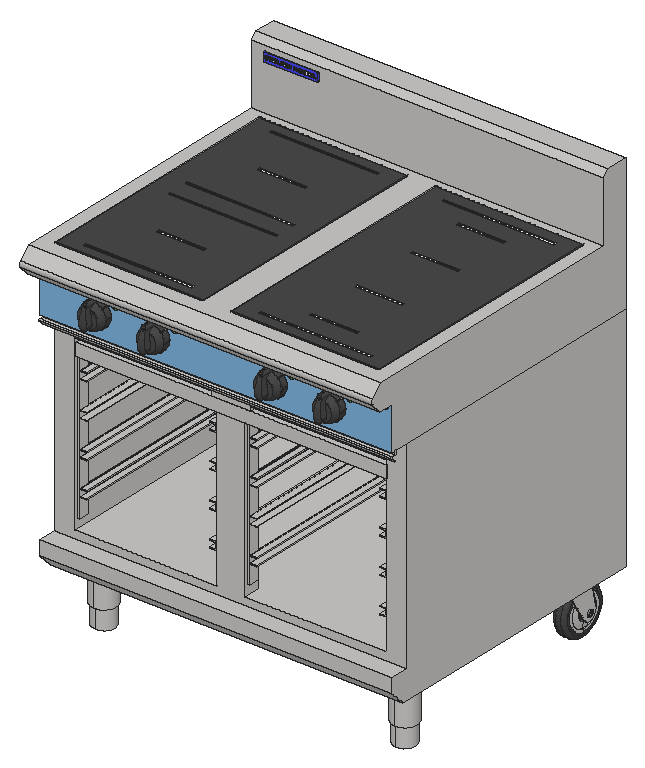
Revit family "QF_Moffat_IN514R3F-CB_Induction_Cooktop_cat", category Specialty Equipment, Revit 2019
Family settings
  Round Connector Dimension = Use Diameter
  Part Type = Normal
  Work Plane-Based = No
  Always vertical = Yes
  Cut with Voids When Loaded = No
  Shared = No
  Room Calculation Point = No
Parameters (values of type "IN514R3F-CB")
  Weight in Kilograms = 105
  Watts = 9960 W
  Volts = 415 V
  URL Cutsheet = ""
  Specification by User = ""
  Specification by Manufacturer = ""
  Show Logo [instance] = yes
  Show Legs [instance] = not(Show Castors)  # no
  Show Castors [instance] = yes
  Serial Number = ""
  Seismic Rating = ""
  SMACNA No = ""
  Revision Code = ""
  Phase = 3
  Number of Poles = 1
  NAFEM Spec ID Number = ""
  Model = "IN514R3F-CB"
  Min Ckt Ampacity = 0 A
  Max Overcurrent Protection = 0 A
  Masterspec = ""
  Manufacturer = "Moffat"
  Length = 900 mm
  Item Number = ""
  Installed By = ""
  Identify Quantity as Lot = yes
  Height = 1085 mm
  HP = ""
  Furnished By = ""
  Foodservice Equipment Identifier = yes
  FL Amps = 24 A
  Electrical Remarks = ""
  Electric Connection Type = ""
  Elec Conn RI Height = 0 mm
  Elec Conn Connection Height = 0 mm
  Description = "Induction Cooktop"
  Depth = 812.2 mm
  Cycle = 60 Hz
  Conn Plug = ""
  Conn Conduit = yes
  CSI MasterFormat = ""
  Apparent Power = if(Phase = 3, Volts * FL Amps * 1.73, Volts * FL Amps)  # 17230.8 VA
Reference planes
  plane 1 "BACK": y = 0
  plane 2: z = 0
  plane 3 "LEFT": x = 0
  plane 4 "RIGHT": x = 900
  plane 5 "FRONT": y = -812.2
  plane 6 "TOP": z = 1085
  plane 7 "Center Y": x = 450
  plane 8 "Center X": y = -406.1
  plane 9: x = 65.5
  plane 10: x = 834.5
  plane 11: y = -30
  plane 12: x = 770
  plane 13: z = 635
  plane 14: y = -100
  plane 15: y = -625
  plane 16: z = 150
Forms (mm)
  Extrusion 1, solid, material "QF_Metal_Stainless_Polished"
    sketch origin (0, 0, 560) x (0, 1, 0) y (0, 0, 1)
      loop
        line (0, 180) -> (0, 525) -> (-57, 525) -> (-70, 512) -> (-70, 354.5) -> (-784.171, 354.5) -> (-808.685, 329.985)
        arc (-808.685, 329.985) -> (-812.2, 321.5) -> (-808.685, 313.015) r 12
        line (-808.685, 313.015) -> (-785.171, 289.5) -> (-749, 289.5) -> (-749, 180) -> (0, 180)
    from 0 to 900
  Extrusion 2, void
    sketch origin (0, -784.171, 914.5) x (0, 1, 0) y (-1, 0, 0)
      loop
        arc (44.671, -33.5) -> (40.428, -35.257) -> (38.671, -39.5) r 6
        line (38.671, -39.5) -> (38.671, -410.5)
        arc (38.671, -410.5) -> (40.428, -414.743) -> (44.671, -416.5) r 6
        line (44.671, -416.5) -> (690.671, -416.5)
        arc (690.671, -416.5) -> (694.913, -414.743) -> (696.671, -410.5) r 6
        line (696.671, -410.5) -> (696.671, -39.5)
        arc (696.671, -39.5) -> (694.913, -35.257) -> (690.671, -33.5) r 6
        line (690.671, -33.5) -> (44.671, -33.5)
      loop
        arc (44.671, -483.5) -> (40.428, -485.257) -> (38.671, -489.5) r 6
        line (38.671, -489.5) -> (38.671, -860.5)
        arc (38.671, -860.5) -> (40.428, -864.743) -> (44.671, -866.5) r 6
        line (44.671, -866.5) -> (690.671, -866.5)
        arc (690.671, -866.5) -> (694.913, -864.743) -> (696.671, -860.5) r 6
        line (696.671, -860.5) -> (696.671, -489.5)
        arc (696.671, -489.5) -> (694.913, -485.257) -> (690.671, -483.5) r 6
        line (690.671, -483.5) -> (44.671, -483.5)
    from 0 to -9.5
  Extrusion 3, solid, material "QF_Plastic_White_Smooth"
    sketch origin (0, -784.171, 905) x (0, 1, 0) y (-1, 0, 0)
      loop
        line (660.921, -362.5) -> (666.921, -362.5) -> (666.921, -87.5) -> (660.921, -87.5) -> (660.921, -362.5)
      loop
        line (526.421, -285) -> (532.421, -285) -> (532.421, -165) -> (526.421, -165) -> (526.421, -285)
      loop
        line (397.921, -87.5) -> (391.921, -87.5) -> (391.921, -362.5) -> (397.921, -362.5) -> (397.921, -87.5)
      loop
        line (337.421, -362.5) -> (343.421, -362.5) -> (343.421, -87.5) -> (337.421, -87.5) -> (337.421, -362.5)
      loop
        line (208.921, -165) -> (202.921, -165) -> (202.921, -285) -> (208.921, -285) -> (208.921, -165)
      loop
        line (68.421, -362.5) -> (74.421, -362.5) -> (74.421, -87.5) -> (68.421, -87.5) -> (68.421, -362.5)
      loop
        line (657.071, -817.5) -> (663.071, -817.5) -> (663.071, -532.5) -> (657.071, -532.5) -> (657.071, -817.5)
      loop
        line (605.471, -615) -> (599.471, -615) -> (599.471, -735) -> (605.471, -735) -> (605.471, -615)
      loop
        line (458.971, -615) -> (452.971, -615) -> (452.971, -735) -> (458.971, -735) -> (458.971, -615)
      loop
        line (275.971, -735) -> (281.971, -735) -> (281.971, -615) -> (275.971, -615) -> (275.971, -735)
      loop
        line (135.471, -615) -> (129.471, -615) -> (129.471, -735) -> (135.471, -735) -> (135.471, -615)
      loop
        line (77.871, -532.5) -> (71.871, -532.5) -> (71.871, -817.5) -> (77.871, -817.5) -> (77.871, -532.5)
    from 0 to 9.5
  Extrusion 4, solid, material "QF_Plastic_Black_Smooth"
    sketch origin (0, -784.171, 914.5) x (0, 1, 0) y (-1, 0, 0)
      loop
        line (692.671, -410.5) -> (692.671, -39.5)
        arc (692.671, -39.5) -> (692.085, -38.086) -> (690.671, -37.5) r 2
        line (690.671, -37.5) -> (44.671, -37.5)
        arc (44.671, -37.5) -> (43.256, -38.086) -> (42.671, -39.5) r 2
        line (42.671, -39.5) -> (42.671, -410.5)
        arc (42.671, -410.5) -> (43.256, -411.914) -> (44.671, -412.5) r 2
        line (44.671, -412.5) -> (690.671, -412.5)
        arc (690.671, -412.5) -> (692.085, -411.914) -> (692.671, -410.5) r 2
      loop
        line (692.671, -860.5) -> (692.671, -489.5)
        arc (692.671, -489.5) -> (692.085, -488.086) -> (690.671, -487.5) r 2
        line (690.671, -487.5) -> (44.671, -487.5)
        arc (44.671, -487.5) -> (43.256, -488.086) -> (42.671, -489.5) r 2
        line (42.671, -489.5) -> (42.671, -860.5)
        arc (42.671, -860.5) -> (43.256, -861.914) -> (44.671, -862.5) r 2
        line (44.671, -862.5) -> (690.671, -862.5)
        arc (690.671, -862.5) -> (692.085, -861.914) -> (692.671, -860.5) r 2
      loop
        line (660.921, -87.5) -> (660.921, -362.5) -> (666.921, -362.5) -> (666.921, -87.5) -> (660.921, -87.5)
      loop
        line (526.421, -165) -> (526.421, -285) -> (532.421, -285) -> (532.421, -165) -> (526.421, -165)
      loop
        line (391.921, -87.5) -> (391.921, -362.5) -> (397.921, -362.5) -> (397.921, -87.5) -> (391.921, -87.5)
      loop
        line (337.421, -362.5) -> (343.421, -362.5) -> (343.421, -87.5) -> (337.421, -87.5) -> (337.421, -362.5)
      loop
        line (202.921, -285) -> (208.921, -285) -> (208.921, -165) -> (202.921, -165) -> (202.921, -285)
      loop
        line (74.421, -87.5) -> (68.421, -87.5) -> (68.421, -362.5) -> (74.421, -362.5) -> (74.421, -87.5)
      loop
        line (657.071, -532.5) -> (657.071, -817.5) -> (663.071, -817.5) -> (663.071, -532.5) -> (657.071, -532.5)
      loop
        line (605.471, -735) -> (605.471, -615) -> (599.471, -615) -> (599.471, -735) -> (605.471, -735)
      loop
        line (458.971, -735) -> (458.971, -615) -> (452.971, -615) -> (452.971, -735) -> (458.971, -735)
      loop
        line (281.971, -735) -> (281.971, -615) -> (275.971, -615) -> (275.971, -735) -> (281.971, -735)
      loop
        line (135.471, -735) -> (135.471, -615) -> (129.471, -615) -> (129.471, -735) -> (135.471, -735)
      loop
        line (77.871, -817.5) -> (77.871, -532.5) -> (71.871, -532.5) -> (71.871, -817.5) -> (77.871, -817.5)
    from 0 to -9.5
  Extrusion 5, solid, material "QF_Metal_Stainless_Polished"
    sketch origin (0, 0, 600) x (0, 1, 0) y (0, 0, 1)
      loop
        line (-737.8, 140) -> (-737.8, 130) -> (-747.305, 130)
        arc (-747.305, 130) -> (-750.276, 128.015) -> (-749.579, 124.511) r 3.215
        line (-749.579, 124.511) -> (-739.05, 113.982) -> (-737.919, 115.113) -> (-748.447, 125.642)
        arc (-748.447, 125.642) -> (-748.797, 127.403) -> (-747.305, 128.4) r 1.615
        line (-747.305, 128.4) -> (-736.2, 128.4) -> (-736.2, 140) -> (-737.8, 140)
    from 0 to 900
  Extrusion 6, solid, material "QF_Plastic_Black_Smooth"
    sketch origin (0, -749, 741.875) x (0, 0, 1) y (-1, 0, 0)
      loop
        circle (99.343, -13.157) r 5
      loop
        circle (99.343, -886.843) r 5
      loop
        circle (99.343, -150) r 5
      loop
        circle (99.343, -300) r 5
      loop
        circle (99.343, -600) r 5
      loop
        circle (99.343, -750) r 5
    from 0 to 1.6
  Extrusion 7, solid, material "QF_Metal_Stainless_Polished"
    sketch origin (0, -699, 640) x (0, 1, 0) y (1, 0, 0)
      loop
        circle (669, 770) r 6.35
    from 0 to 1.6
  Extrusion 8, solid, material "QF_Metal_Stainless_Polished"
    sketch origin (0, -699, 645) x (1, 0, 0) y (0, -1, 0)
      loop
        line (0, -699) -> (900, -699) -> (900, 0) -> (849.2, 0) -> (849.2, -25.4) -> (50.8, -25.4) -> (50.8, 0) -> (0, 0) -> (0, -699)
    from 5 to -95
  Revolve 9, solid, material "QF_Metal_Stainless_Polished"
    sketch origin (65.5, -4572, 255.2) x (0, 0, -1) y (0, -1, 0)
      loop
        line (255.2, -3974.5) -> (255.2, -3947) -> (105.2, -3947) -> (105.2, -3978.75) -> (205.2, -3978.75) -> (205.2, -3974.5) -> (255.2, -3974.5)
      axis (105.2, -3947) -> (255.2, -3947)
    angle from 0 to 360
  Revolve 10, solid, material "QF_Metal_Stainless_Polished"
    sketch origin (834.5, -4572, 255.2) x (0, 0, -1) y (0, 1, 0)
      loop
        line (255.2, 3974.5) -> (205.2, 3974.5) -> (205.2, 3978.75) -> (105.2, 3978.75) -> (105.2, 3947) -> (255.2, 3947) -> (255.2, 3974.5)
      axis (105.2, 3947) -> (255.2, 3947)
    angle from 0 to 360
  Extrusion 11, solid, material "QF_Metal_Stainless_Polished"
    sketch origin (0, 0, 0) x (0, 1, 0) y (0, 0, 1)
      loop
        line (-50.8, 150) -> (-50.8, 242.5) -> (-699, 242.5) -> (-699, 222.5) -> (-747.95, 222.5) -> (-747.95, 186) -> (-711.95, 150) -> (-50.8, 150)
    from 0 to 900
  Extrusion 12, solid, material "QF_Metal_Stainless_Polished"
    sketch origin (-6096, 120, 150) x (0, 1, 0) y (-1, 0, 0)
      loop
        line (-120, -6096) -> (-819, -6096) -> (-819, -6146.8) -> (-170.8, -6146.8) -> (-170.8, -6510.5) -> (-196.2, -6510.5) -> (-196.2, -6581.5) -> (-170.8, -6581.5) -> (-170.8, -6945.2) -> (-819, -6945.2) -> (-819, -6996) -> (-120, -6996) -> (-120, -6096)
      loop
        line (-778.9, -6510.5) -> (-819, -6510.5) -> (-819, -6581.5) -> (-778.9, -6581.5) -> (-778.9, -6510.5)
    from 0 to 490
  Extrusion 13, solid, material "QF_Metal_Stainless_Polished"
    sketch origin (50.8, -50.8, 460) x (0, 0, 1) y (1, 0, 0)
      loop
        line (127.5, 25.4) -> (127.5, 6.4) -> (147.5, 6.4) -> (147.5, 25.4) -> (145.9, 25.4) -> (145.9, 8) -> (129.1, 8) -> (129.1, 25.4) -> (127.5, 25.4)
      loop
        line (37.5, 25.4) -> (37.5, 6.4) -> (57.5, 6.4) -> (57.5, 25.4) -> (55.9, 25.4) -> (55.9, 8) -> (39.1, 8) -> (39.1, 25.4) -> (37.5, 25.4)
      loop
        line (-52.5, 25.4) -> (-52.5, 6.4) -> (-32.5, 6.4) -> (-32.5, 25.4) -> (-34.1, 25.4) -> (-34.1, 8) -> (-50.9, 8) -> (-50.9, 25.4) -> (-52.5, 25.4)
      loop
        line (-142.5, 25.4) -> (-142.5, 6.4) -> (-122.5, 6.4) -> (-122.5, 25.4) -> (-124.1, 25.4) -> (-124.1, 8) -> (-140.9, 8) -> (-140.9, 25.4) -> (-142.5, 25.4)
    from 0 to -641.85
  Extrusion 14, solid, material "QF_Metal_Stainless_Polished"
    sketch origin (50.8, 44.437, 150) x (0, 1, 0) y (0, 0, 1)
      loop
        line (-95.237, 488.4) -> (-120.637, 488.4) -> (-120.637, 117.5) -> (-95.237, 117.5) -> (-95.237, 488.4)
      loop
        line (-709.687, 117.5) -> (-709.687, 490) -> (-737.087, 490) -> (-737.087, 117.5) -> (-709.687, 117.5)
    from 0 to 6.4
  Extrusion 15, solid, material "QF_Metal_Stainless_Polished"
    sketch origin (66.1, -50.8, 460) x (0, 0, 1) y (1, 0, 0)
      loop
        line (127.5, 323) -> (129.1, 323) -> (129.1, 340.4) -> (145.9, 340.4) -> (145.9, 323) -> (147.5, 323) -> (147.5, 342) -> (127.5, 342) -> (127.5, 323)
      loop
        line (37.5, 323) -> (39.1, 323) -> (39.1, 340.4) -> (55.9, 340.4) -> (55.9, 323) -> (57.5, 323) -> (57.5, 342) -> (37.5, 342) -> (37.5, 323)
      loop
        line (-52.5, 323) -> (-50.9, 323) -> (-50.9, 340.4) -> (-34.1, 340.4) -> (-34.1, 323) -> (-32.5, 323) -> (-32.5, 342) -> (-52.5, 342) -> (-52.5, 323)
      loop
        line (-142.5, 323) -> (-140.9, 323) -> (-140.9, 340.4) -> (-124.1, 340.4) -> (-124.1, 323) -> (-122.5, 323) -> (-122.5, 342) -> (-142.5, 342) -> (-142.5, 323)
    from 0 to -641.85
  Extrusion 16, solid, material "QF_Metal_Stainless_Polished"
    sketch origin (414.5, 44.437, 150) x (0, 1, 0) y (0, 0, -1)
      loop
        line (-95.237, -488.4) -> (-95.237, -117.5) -> (-120.637, -117.5) -> (-120.637, -488.4) -> (-95.237, -488.4)
      loop
        line (-709.687, -117.5) -> (-737.087, -117.5) -> (-737.087, -490) -> (-709.687, -490) -> (-709.687, -117.5)
    from 0 to 6.4
  Revolve 17, solid, material "QF_Metal_Stainless_Polished", visible <- "Show Legs"
    sketch origin (65.5, -4047, 255.2) x (0, 0, -1) y (0, -1, 0)
      loop
        line (255.2, -3974.5) -> (255.2, -3947) -> (105.2, -3947) -> (105.2, -3978.75) -> (205.2, -3978.75) -> (205.2, -3974.5) -> (255.2, -3974.5)
      axis (105.2, -3947) -> (255.2, -3947)
    angle from 0 to 360
  Revolve 18, solid, material "QF_Metal_Stainless_Polished", visible <- "Show Legs"
    sketch origin (834.5, -4047, 255.2) x (0, 0, -1) y (0, 1, 0)
      loop
        line (255.2, 3974.5) -> (205.2, 3974.5) -> (205.2, 3978.75) -> (105.2, 3978.75) -> (105.2, 3947) -> (255.2, 3947) -> (255.2, 3974.5)
      axis (105.2, 3947) -> (255.2, 3947)
    angle from 0 to 360
  Extrusion 19, solid, material "QF_Paint_Green"
    sketch origin (-87.5, -749, 742.2) x (0, 0, 1) y (-1, 0, 0)
      loop
        circle (84.8, -282.5) r 7.15
    from 0 to 1.6
  Extrusion 20, solid, material "QF_Metal_Stainless_Polished"
    sketch origin (849.2, -673.6, 645) x (-1, 0, 0) y (0, 0, -1)
      loop
        line (0, -27.7) -> (798.4, -27.7) -> (798.4, 5) -> (0, 5) -> (0, -27.7)
      loop
        line (450, -61.4) -> (798.4, -61.4) -> (798.4, -37.7) -> (450, -37.7) -> (450, -61.4)
      loop
        line (798.4, -62.4) -> (0, -62.4) -> (0, -95) -> (798.4, -95) -> (798.4, -62.4)
      loop
        line (348.4, -61.4) -> (348.4, -37.7) -> (0, -37.7) -> (0, -61.4) -> (348.4, -61.4)
    from 0 to 25.4
  Extrusion 21, solid, material "QF_Metal_Stainless_Polished"
    sketch origin (849.2, -673.6, 645) x (1, 0, 0) y (0, 0, -1)
      loop
        line (-348.4, -62.4) -> (-348.4, -27.7) -> (-450, -27.7) -> (-450, -62.4) -> (-348.4, -62.4)
    from 0 to -25.4
  Extrusion 22, solid, material "QF_Metal_Stainless_Polished"
    sketch origin (833.9, -50.8, 460) x (0, 0, 1) y (1, 0, 0)
      loop
        line (127.5, -323) -> (127.5, -342) -> (147.5, -342) -> (147.5, -323) -> (145.9, -323) -> (145.9, -340.4) -> (129.1, -340.4) -> (129.1, -323) -> (127.5, -323)
      loop
        line (37.5, -323) -> (37.5, -342) -> (57.5, -342) -> (57.5, -323) -> (55.9, -323) -> (55.9, -340.4) -> (39.1, -340.4) -> (39.1, -323) -> (37.5, -323)
      loop
        line (-52.5, -323) -> (-52.5, -342) -> (-32.5, -342) -> (-32.5, -323) -> (-34.1, -323) -> (-34.1, -340.4) -> (-50.9, -340.4) -> (-50.9, -323) -> (-52.5, -323)
      loop
        line (-142.5, -323) -> (-142.5, -342) -> (-122.5, -342) -> (-122.5, -323) -> (-124.1, -323) -> (-124.1, -340.4) -> (-140.9, -340.4) -> (-140.9, -323) -> (-142.5, -323)
    from 0 to -641.85
  Extrusion 23, solid, material "QF_Metal_Stainless_Polished"
    sketch origin (485.5, 44.437, 150) x (0, 1, 0) y (0, 0, 1)
      loop
        line (-95.237, 488.4) -> (-120.637, 488.4) -> (-120.637, 117.5) -> (-95.237, 117.5) -> (-95.237, 488.4)
      loop
        line (-709.687, 117.5) -> (-709.687, 490) -> (-737.087, 490) -> (-737.087, 117.5) -> (-709.687, 117.5)
    from 0 to 6.4
  Extrusion 24, solid, material "QF_Metal_Stainless_Polished"
    sketch origin (849.2, -50.8, 460) x (0, 0, 1) y (1, 0, 0)
      loop
        line (127.5, -25.4) -> (129.1, -25.4) -> (129.1, -8) -> (145.9, -8) -> (145.9, -25.4) -> (147.5, -25.4) -> (147.5, -6.4) -> (127.5, -6.4) -> (127.5, -25.4)
      loop
        line (37.5, -25.4) -> (39.1, -25.4) -> (39.1, -8) -> (55.9, -8) -> (55.9, -25.4) -> (57.5, -25.4) -> (57.5, -6.4) -> (37.5, -6.4) -> (37.5, -25.4)
      loop
        line (-52.5, -25.4) -> (-50.9, -25.4) -> (-50.9, -8) -> (-34.1, -8) -> (-34.1, -25.4) -> (-32.5, -25.4) -> (-32.5, -6.4) -> (-52.5, -6.4) -> (-52.5, -25.4)
      loop
        line (-142.5, -25.4) -> (-140.9, -25.4) -> (-140.9, -8) -> (-124.1, -8) -> (-124.1, -25.4) -> (-122.5, -25.4) -> (-122.5, -6.4) -> (-142.5, -6.4) -> (-142.5, -25.4)
    from 0 to -641.85
  Extrusion 25, solid, material "QF_Metal_Stainless_Polished"
    sketch origin (849.2, 44.437, 150) x (0, 1, 0) y (0, 0, -1)
      loop
        line (-95.237, -488.4) -> (-95.237, -117.5) -> (-120.637, -117.5) -> (-120.637, -488.4) -> (-95.237, -488.4)
      loop
        line (-709.687, -117.5) -> (-737.087, -117.5) -> (-737.087, -490) -> (-709.687, -490) -> (-709.687, -117.5)
    from 0 to 6.4
  Extrusion 26, solid, material "QF_Paint_Green"
    sketch origin (62.5, -749, 742.2) x (0, 0, 1) y (-1, 0, 0)
      loop
        circle (84.8, -282.5) r 7.15
    from 0 to 1.6
  Extrusion 27, solid, material "QF_Paint_Green"
    sketch origin (362.5, -749, 742.2) x (0, 0, 1) y (-1, 0, 0)
      loop
        circle (84.8, -282.5) r 7.15
    from 0 to 1.6
  Extrusion 28, solid, material "QF_Paint_Green"
    sketch origin (512.5, -749, 742.2) x (0, 0, 1) y (-1, 0, 0)
      loop
        circle (84.8, -282.5) r 7.15
    from 0 to 1.6
Cuts and joins
  Extrusion 2 cuts Extrusion 1
  joined: Revolve 9, Revolve 10
  joined: Extrusion 8, Extrusion 11, Extrusion 12
Lines and regions (mm)
  symbolic lines
    curve 1: line (0, 0, 0) -> (900, 0, 0)
    curve 2: line (0, -812.2, 0) -> (0, 0, 0)
    curve 3: line (900, -812.2, 0) -> (0, -812.2, 0)
    curve 4: line (900, 0, 0) -> (900, -812.2, 0)
    curve 5: line (0, -57, 0) -> (900, -57, 0)
    curve 6: line (0, -70, 0) -> (900, -70, 0)
    curve 7: line (0, -784.171, 0) -> (900, -784.171, 0)
    curve 8: line (39.5, -87.5, 0) -> (410.5, -87.5, 0)
    curve 9: arc (410.5, -87.5, 0) -> (414.743, -89.257, 0) -> (416.5, -93.5, 0) r 6
    curve 10: line (416.5, -93.5, 0) -> (416.5, -739.5, 0)
    curve 11: arc (416.5, -739.5, 0) -> (414.743, -743.743, 0) -> (410.5, -745.5, 0) r 6
    curve 12: line (410.5, -745.5, 0) -> (39.5, -745.5, 0)
    curve 13: arc (39.5, -745.5, 0) -> (35.257, -743.743, 0) -> (33.5, -739.5, 0) r 6
    curve 14: line (33.5, -739.5, 0) -> (33.5, -93.5, 0)
    curve 15: arc (33.5, -93.5, 0) -> (35.257, -89.257, 0) -> (39.5, -87.5, 0) r 6
    curve 16: line (410.5, -91.5, 0) -> (39.5, -91.5, 0)
    curve 17: arc (39.5, -91.5, 0) -> (38.086, -92.086, 0) -> (37.5, -93.5, 0) r 2
    curve 18: line (37.5, -93.5, 0) -> (37.5, -739.5, 0)
    curve 19: arc (37.5, -739.5, 0) -> (38.086, -740.914, 0) -> (39.5, -741.5, 0) r 2
    curve 20: line (39.5, -741.5, 0) -> (410.5, -741.5, 0)
    curve 21: arc (410.5, -741.5, 0) -> (411.914, -740.914, 0) -> (412.5, -739.5, 0) r 2
    curve 22: line (412.5, -739.5, 0) -> (412.5, -93.5, 0)
    curve 23: arc (412.5, -93.5, 0) -> (411.914, -92.086, 0) -> (410.5, -91.5, 0) r 2
    curve 24: line (87.5, -117.25, 0) -> (362.5, -117.25, 0)
    curve 25: line (362.5, -117.25, 0) -> (362.5, -123.25, 0)
    curve 26: line (362.5, -123.25, 0) -> (87.5, -123.25, 0)
    curve 27: line (87.5, -123.25, 0) -> (87.5, -117.25, 0)
    curve 28: line (285, -257.75, 0) -> (165, -257.75, 0)
    curve 29: line (165, -257.75, 0) -> (165, -251.75, 0)
    curve 30: line (165, -251.75, 0) -> (285, -251.75, 0)
    curve 31: line (285, -251.75, 0) -> (285, -257.75, 0)
    curve 32: line (362.5, -392.25, 0) -> (87.5, -392.25, 0)
    curve 33: line (87.5, -392.25, 0) -> (87.5, -386.25, 0)
    curve 34: line (87.5, -386.25, 0) -> (362.5, -386.25, 0)
    curve 35: line (362.5, -386.25, 0) -> (362.5, -392.25, 0)
    curve 36: line (362.5, -446.75, 0) -> (87.5, -446.75, 0)
    curve 37: line (87.5, -446.75, 0) -> (87.5, -440.75, 0)
    curve 38: line (87.5, -440.75, 0) -> (362.5, -440.75, 0)
    curve 39: line (362.5, -440.75, 0) -> (362.5, -446.75, 0)
    curve 40: line (285, -581.25, 0) -> (165, -581.25, 0)
    curve 41: line (165, -581.25, 0) -> (165, -575.25, 0)
    curve 42: line (165, -575.25, 0) -> (285, -575.25, 0)
    curve 43: line (285, -575.25, 0) -> (285, -581.25, 0)
    curve 44: line (362.5, -715.75, 0) -> (87.5, -715.75, 0)
    curve 45: line (87.5, -715.75, 0) -> (87.5, -709.75, 0)
    curve 46: line (87.5, -709.75, 0) -> (362.5, -709.75, 0)
    curve 47: line (362.5, -709.75, 0) -> (362.5, -715.75, 0)
    curve 48: line (860.5, -745.5, 0) -> (489.5, -745.5, 0)
    curve 49: arc (489.5, -745.5, 0) -> (485.257, -743.743, 0) -> (483.5, -739.5, 0) r 6
    curve 50: line (483.5, -739.5, 0) -> (483.5, -93.5, 0)
    curve 51: arc (483.5, -93.5, 0) -> (485.257, -89.257, 0) -> (489.5, -87.5, 0) r 6
    curve 52: line (489.5, -87.5, 0) -> (860.5, -87.5, 0)
    curve 53: arc (860.5, -87.5, 0) -> (864.743, -89.257, 0) -> (866.5, -93.5, 0) r 6
    curve 54: line (866.5, -93.5, 0) -> (866.5, -739.5, 0)
    curve 55: arc (866.5, -739.5, 0) -> (864.743, -743.743, 0) -> (860.5, -745.5, 0) r 6
    curve 56: line (489.5, -741.5, 0) -> (860.5, -741.5, 0)
    curve 57: arc (860.5, -741.5, 0) -> (861.914, -740.914, 0) -> (862.5, -739.5, 0) r 2
    curve 58: line (862.5, -739.5, 0) -> (862.5, -93.5, 0)
    curve 59: arc (862.5, -93.5, 0) -> (861.914, -92.086, 0) -> (860.5, -91.5, 0) r 2
    curve 60: line (860.5, -91.5, 0) -> (489.5, -91.5, 0)
    curve 61: arc (489.5, -91.5, 0) -> (488.086, -92.086, 0) -> (487.5, -93.5, 0) r 2
    curve 62: line (487.5, -93.5, 0) -> (487.5, -739.5, 0)
    curve 63: arc (487.5, -739.5, 0) -> (488.086, -740.914, 0) -> (489.5, -741.5, 0) r 2
    curve 64: line (817.5, -127.1, 0) -> (532.5, -127.1, 0)
    curve 65: line (532.5, -127.1, 0) -> (532.5, -121.1, 0)
    curve 66: line (532.5, -121.1, 0) -> (817.5, -121.1, 0)
    curve 67: line (817.5, -121.1, 0) -> (817.5, -127.1, 0)
    curve 68: line (615, -178.7, 0) -> (735, -178.7, 0)
    curve 69: line (735, -178.7, 0) -> (735, -184.7, 0)
    curve 70: line (735, -184.7, 0) -> (615, -184.7, 0)
    curve 71: line (615, -184.7, 0) -> (615, -178.7, 0)
    curve 72: line (615, -325.2, 0) -> (735, -325.2, 0)
    curve 73: line (735, -325.2, 0) -> (735, -331.2, 0)
    curve 74: line (735, -331.2, 0) -> (615, -331.2, 0)
    curve 75: line (615, -331.2, 0) -> (615, -325.2, 0)
    curve 76: line (735, -508.2, 0) -> (615, -508.2, 0)
    curve 77: line (615, -508.2, 0) -> (615, -502.2, 0)
    curve 78: line (615, -502.2, 0) -> (735, -502.2, 0)
    curve 79: line (735, -502.2, 0) -> (735, -508.2, 0)
    curve 80: line (735, -654.7, 0) -> (615, -654.7, 0)
    curve 81: line (615, -654.7, 0) -> (615, -648.7, 0)
    curve 82: line (615, -648.7, 0) -> (735, -648.7, 0)
    curve 83: line (735, -648.7, 0) -> (735, -654.7, 0)
    curve 84: line (532.5, -706.3, 0) -> (817.5, -706.3, 0)
    curve 85: line (817.5, -706.3, 0) -> (817.5, -712.3, 0)
    curve 86: line (817.5, -712.3, 0) -> (532.5, -712.3, 0)
    curve 87: line (532.5, -712.3, 0) -> (532.5, -706.3, 0)
Dimensions and locks
  equal spacing: plane 3 "LEFT", plane 7 "Center Y", plane 4 "RIGHT"
  "Length": plane 3 "LEFT" to plane 4 "RIGHT"
  equal spacing: plane 5 "FRONT", plane 8 "Center X", plane 1 "BACK"
  "Depth": plane 5 "FRONT" to plane 1 "BACK"
  "Height": plane 6 "TOP" to level
  plane 9 to plane 10 = 769 mm
  plane 4 "RIGHT" to plane 3 "LEFT" = 900 mm
  plane 1 "BACK" to cut or joined group of Extrusion 1, Extrusion 2 = 70 mm
  plane 1 "BACK" to plane 5 "FRONT" = 812.2 mm
  plane 6 "TOP" to plane 2 = 1085 mm
  cut or joined group of Extrusion 1, Extrusion 2 to plane 2 = 914.5 mm
  locked: plane 12 to plane 4 "RIGHT" at 130
  plane 1 "BACK" to plane 11 = 30 mm
  plane 1 "BACK" to plane 14 to plane 15 = 100 mm, 525 mm
  plane 2 to plane 13 = 635 mm
  plane 16 to plane 2 = 150 mm
  aligned and locked: level to plane 2
Automatic sketch dimensions
  Extrusion 1 sketch curve to plane 6 "TOP" = 0 mm
  Extrusion 1 sketch curve to plane 1 "BACK" = 0 mm
  plane 11 to Extrusion 1 sketch curve = 27 mm
  Extrusion 1 sketch curve to plane 6 "TOP" = 13 mm
  Extrusion 1 sketch curve to Extrusion 1 sketch curve = 13 mm
  Extrusion 1 sketch curve to plane 5 "FRONT" = 63.2 mm
  Extrusion 1 sketch curve to plane 5 "FRONT" = 28.029 mm
  Extrusion 1 sketch curve to plane 5 "FRONT" = 27.029 mm
  Extrusion 1 sketch curve to plane 5 "FRONT" = 12 mm
  Extrusion 1 sketch curve to plane 5 "FRONT" = 3.515 mm  (x2)
  Extrusion 1 sketch curve to plane 6 "TOP" = 170.5 mm
  Extrusion 1 sketch curve to Extrusion 1 sketch curve = 24.515 mm
  Extrusion 1 sketch curve to Extrusion 1 sketch curve = 8.485 mm
  Extrusion 1 sketch curve to Extrusion 1 sketch curve = 32 mm
  Extrusion 1 sketch curve to plane 13 = 105 mm
  Extrusion 5 sketch curve to Extrusion 5 sketch curve = 0 mm  (x2)
  Extrusion 5 sketch curve to plane 5 "FRONT" = 62.621 mm
  Extrusion 5 sketch curve to Extrusion 5 sketch curve = 1.131 mm  (x3)
  Extrusion 5 sketch curve to Extrusion 5 sketch curve = 1.142 mm  (x2)
  Extrusion 5 sketch curve to Extrusion 5 sketch curve = 10.529 mm
  Extrusion 5 sketch curve to Extrusion 5 sketch curve = 9.505 mm
  Extrusion 5 sketch curve to Extrusion 5 sketch curve = 1.6 mm
  Extrusion 5 sketch curve to plane 13 = 78.982 mm
  Extrusion 5 sketch curve to Extrusion 5 sketch curve = 10 mm
  Extrusion 8 to Extrusion 7 sketch curve = 30 mm
  Extrusion 7 sketch curve to Extrusion 8 = 79.2 mm
  plane 1 "BACK" to Extrusion 8 sketch curve = 0 mm
  Extrusion 8 sketch curve to plane 3 "LEFT" = 0 mm
  Extrusion 8 sketch curve to plane 4 "RIGHT" = 0 mm
  plane 9 to Extrusion 8 sketch curve = 14.7 mm
  Extrusion 8 sketch curve to plane 10 = 14.7 mm
  plane 15 to Extrusion 8 sketch curve = 48.6 mm
  Extrusion 8 sketch curve to Extrusion 8 sketch curve = 25.4 mm  (x2)
  Revolve 9 sketch curve to plane 15 = 0 mm  (x2)
  Revolve 9 sketch curve to plane 16 = 0 mm
  Revolve 9 sketch curve to level = 0 mm  (x2)
  level to Revolve 9 sketch curve = 50 mm
  Revolve 9 sketch curve to Revolve 9 sketch curve = 27.5 mm
  Revolve 9 sketch curve to Revolve 9 sketch curve = 31.75 mm
  Revolve 9 sketch curve to Revolve 9 sketch curve = 25 mm
  Revolve 10 sketch curve to plane 15 = 0 mm  (x2)
  Revolve 10 sketch curve to plane 16 = 0 mm
  Revolve 10 sketch curve to level = 0 mm  (x2)
  level to Revolve 10 sketch curve = 50 mm
  Revolve 10 sketch curve to plane 15 = 27.5 mm
  Revolve 10 sketch curve to Revolve 10 sketch curve = 4.25 mm
  Revolve 10 sketch curve to Revolve 10 sketch curve = 25 mm
  Extrusion 11 sketch curve to plane 16 = 0 mm
  Extrusion 11 sketch curve to plane 5 "FRONT" = 64.25 mm
  Extrusion 11 sketch curve to Extrusion 11 sketch curve = 36 mm
  Extrusion 11 sketch curve to Extrusion 11 sketch curve = 48.95 mm
  plane 11 to Extrusion 11 sketch curve = 20.8 mm
  plane 16 to Extrusion 11 sketch curve = 36 mm
  Extrusion 11 sketch curve to Extrusion 11 sketch curve = 36.5 mm
  plane 16 to Extrusion 11 sketch curve = 92.5 mm
  Extrusion 12 sketch curve to plane 3 "LEFT" = 0 mm
  Extrusion 12 sketch curve to plane 4 "RIGHT" = 0 mm
  plane 1 "BACK" to Extrusion 12 sketch curve = 0 mm
  plane 11 to Extrusion 12 sketch curve = 20.8 mm  (x2)
  Extrusion 12 sketch curve to plane 14 = 23.8 mm
  plane 15 to Extrusion 12 sketch curve = 33.9 mm
  Extrusion 12 sketch curve to Extrusion 12 sketch curve = 40.1 mm
  Extrusion 12 sketch curve to plane 10 = 14.7 mm
  plane 15 to Extrusion 12 sketch curve = 74 mm  (x2)
  plane 9 to Extrusion 12 sketch curve = 14.7 mm
  plane 7 "Center Y" to Extrusion 12 sketch curve = 35.5 mm  (x2)
  Extrusion 12 sketch curve to plane 7 "Center Y" = 35.5 mm  (x2)
  Extrusion 14 to Extrusion 13 sketch curve = 0 mm  (x4)
  Extrusion 13 sketch curve to Extrusion 14 = 19 mm  (x4)
  Extrusion 14 to Extrusion 13 sketch curve = 50 mm
  Extrusion 13 sketch curve to Extrusion 13 sketch curve = 1.6 mm  (x8)
  Extrusion 13 sketch curve to Extrusion 14 = 1.6 mm  (x4)
  Extrusion 13 sketch curve to Extrusion 13 sketch curve = 16.8 mm  (x4)
  Extrusion 13 sketch curve to Extrusion 13 sketch curve = 70 mm  (x2)
  Extrusion 13 sketch curve to Extrusion 14 = 50.9 mm
  Extrusion 13 sketch curve to Extrusion 13 sketch curve = 17.4 mm  (x3)
  Extrusion 13 sketch curve to Extrusion 13 sketch curve = 0 mm
  Extrusion 12 to Extrusion 14 sketch curve = 0 mm
  Extrusion 14 sketch curve to Extrusion 12 = 0 mm
  Extrusion 14 sketch curve to Extrusion 12 = 25.4 mm
  Extrusion 12 to Extrusion 14 sketch curve = 33.75 mm
  Extrusion 12 to Extrusion 14 sketch curve = 6.35 mm
  Extrusion 12 to Extrusion 14 sketch curve = 1.6 mm
  Extrusion 12 to Extrusion 14 sketch curve = 117.5 mm  (x2)
  Extrusion 14 to Extrusion 15 sketch curve = 50 mm
  Extrusion 15 sketch curve to Extrusion 15 sketch curve = 1.6 mm  (x12)
  Extrusion 15 sketch curve to Extrusion 15 sketch curve = 16.8 mm  (x4)
  Extrusion 15 sketch curve to Extrusion 15 sketch curve = 70 mm  (x2)
  Extrusion 15 sketch curve to Extrusion 14 = 50.9 mm
  Extrusion 15 sketch curve to Extrusion 14 = 331.9 mm
  Extrusion 15 sketch curve to Extrusion 15 sketch curve = 0 mm  (x7)
  Extrusion 15 sketch curve to Extrusion 15 sketch curve = 17.4 mm  (x4)
  plane 15 to Extrusion 16 sketch curve = 67.65 mm
  Extrusion 16 sketch curve to plane 13 = 5 mm
  Extrusion 16 sketch curve to Extrusion 16 sketch curve = 27.4 mm
  Extrusion 16 sketch curve to plane 13 = 3.4 mm
  Extrusion 16 sketch curve to plane 14 = 23.8 mm
  plane 11 to Extrusion 16 sketch curve = 20.8 mm
  plane 16 to Extrusion 16 sketch curve = 117.5 mm  (x2)
  Revolve 17 sketch curve to plane 14 = 0 mm  (x2)
  Revolve 17 sketch curve to plane 16 = 0 mm
  Revolve 17 sketch curve to level = 0 mm  (x2)
  level to Revolve 17 sketch curve = 50 mm
  Revolve 17 sketch curve to Revolve 17 sketch curve = 27.5 mm
  Revolve 17 sketch curve to Revolve 17 sketch curve = 31.75 mm
  Revolve 17 sketch curve to Revolve 17 sketch curve = 25 mm
  Revolve 18 sketch curve to plane 14 = 0 mm  (x2)
  Revolve 18 sketch curve to plane 16 = 0 mm
  Revolve 18 sketch curve to level = 0 mm  (x2)
  level to Revolve 18 sketch curve = 50 mm
  Revolve 18 sketch curve to plane 14 = 27.5 mm
  Revolve 18 sketch curve to Revolve 18 sketch curve = 4.25 mm
  Revolve 18 sketch curve to Revolve 18 sketch curve = 25 mm
  Extrusion 1 to Extrusion 19 sketch curve = 22.5 mm
  Extrusion 1 to Extrusion 19 sketch curve = 195 mm
  Extrusion 20 sketch curve to Extrusion 8 = 0 mm  (x8)
  Extrusion 8 to Extrusion 20 sketch curve = 42.7 mm
  Extrusion 20 sketch curve to Extrusion 8 = 348.4 mm
  Extrusion 8 to Extrusion 20 sketch curve = 33.6 mm
  Extrusion 20 sketch curve to Extrusion 20 sketch curve = 101.6 mm
  Extrusion 20 sketch curve to Extrusion 20 sketch curve = 1 mm  (x2)
  Extrusion 20 sketch curve to Extrusion 20 sketch curve = 23.7 mm
  Extrusion 20 sketch curve to Extrusion 20 sketch curve = 10 mm
  Extrusion 20 to Extrusion 21 sketch curve = 0 mm
  Extrusion 21 sketch curve to Extrusion 20 = 0 mm  (x3)
  Extrusion 14 to Extrusion 22 sketch curve = 50 mm
  Extrusion 22 sketch curve to Extrusion 22 sketch curve = 1.6 mm  (x12)
  Extrusion 22 sketch curve to Extrusion 22 sketch curve = 16.8 mm  (x4)
  Extrusion 22 sketch curve to Extrusion 22 sketch curve = 70 mm  (x2)
  Extrusion 22 sketch curve to Extrusion 14 = 50.9 mm
  Extrusion 22 sketch curve to Extrusion 14 = 434.7 mm
  Extrusion 22 sketch curve to Extrusion 22 sketch curve = 0 mm  (x4)
  Extrusion 22 sketch curve to Extrusion 22 sketch curve = 17.4 mm  (x7)
  plane 15 to Extrusion 23 sketch curve = 67.65 mm
  Extrusion 23 sketch curve to plane 13 = 5 mm
  Extrusion 23 sketch curve to Extrusion 23 sketch curve = 27.4 mm
  Extrusion 23 sketch curve to plane 13 = 3.4 mm
  Extrusion 23 sketch curve to plane 14 = 23.8 mm
  plane 11 to Extrusion 23 sketch curve = 20.8 mm
  plane 16 to Extrusion 23 sketch curve = 117.5 mm  (x2)
  Extrusion 24 sketch curve to Extrusion 25 = 0 mm  (x4)
  Extrusion 24 sketch curve to Extrusion 25 = 19 mm  (x4)
  Extrusion 25 to Extrusion 24 sketch curve = 50 mm
  Extrusion 24 sketch curve to Extrusion 24 sketch curve = 1.6 mm  (x8)
  Extrusion 24 sketch curve to Extrusion 25 = 1.6 mm  (x4)
  Extrusion 24 sketch curve to Extrusion 24 sketch curve = 16.8 mm  (x4)
  Extrusion 24 sketch curve to Extrusion 24 sketch curve = 70 mm  (x2)
  Extrusion 24 sketch curve to Extrusion 25 = 50.9 mm
  Extrusion 24 sketch curve to Extrusion 24 sketch curve = 0 mm  (x2)
  Extrusion 24 sketch curve to Extrusion 24 sketch curve = 17.4 mm  (x2)
  plane 15 to Extrusion 25 sketch curve = 67.65 mm
  Extrusion 25 sketch curve to plane 13 = 5 mm
  Extrusion 25 sketch curve to Extrusion 25 sketch curve = 27.4 mm
  Extrusion 25 sketch curve to plane 13 = 3.4 mm
  Extrusion 25 sketch curve to plane 14 = 23.8 mm
  plane 11 to Extrusion 25 sketch curve = 20.8 mm
  plane 16 to Extrusion 25 sketch curve = 117.5 mm  (x2)
  Extrusion 1 to Extrusion 26 sketch curve = 22.5 mm
  Extrusion 1 to Extrusion 26 sketch curve = 345 mm
  Extrusion 1 to Extrusion 27 sketch curve = 22.5 mm
  Extrusion 1 to Extrusion 27 sketch curve = 255 mm
  Extrusion 1 to Extrusion 28 sketch curve = 22.5 mm
  Extrusion 1 to Extrusion 28 sketch curve = 105 mm
  curve 3 to plane 3 "LEFT" = 0 mm
  curve 3 to plane 4 "RIGHT" = 0 mm
  plane 5 "FRONT" to curve 3 = 0 mm
  plane 1 "BACK" to curve 2 = 0 mm
  plane 11 to curve 5 = 27 mm
  curve 6 to curve 5 = 13 mm
  curve 3 to curve 7 = 28.029 mm
  Extrusion 1 to Extrusion 6 sketch curve = 8.282 mm  (x6)
  Extrusion 1 to Extrusion 6 sketch curve = 13.157 mm  (x2)
  Extrusion 6 sketch curve to Extrusion 6 sketch curve = 136.843 mm
  Extrusion 6 sketch curve to Extrusion 6 sketch curve = 150 mm
  Extrusion 1 to Extrusion 6 sketch curve = 300 mm
  Extrusion 1 to Extrusion 6 sketch curve = 150 mm
  Extrusion 2 sketch curve to Extrusion 1 = 38.671 mm  (x2)
  Extrusion 2 sketch curve to Extrusion 2 sketch curve = 6 mm  (x6)
  Extrusion 1 to Extrusion 2 sketch curve = 23.5 mm  (x4)
  Extrusion 1 to Extrusion 2 sketch curve = 416.5 mm
  Extrusion 1 to Extrusion 2 sketch curve = 39.5 mm  (x2)
  Extrusion 2 sketch curve to Extrusion 2 sketch curve = 67 mm
  Extrusion 4 sketch curve to Extrusion 1 = 42.671 mm  (x2)
  Extrusion 4 sketch curve to Extrusion 4 sketch curve = 2 mm  (x6)
  Extrusion 4 sketch curve to Extrusion 4 sketch curve = 23.75 mm
  Extrusion 4 sketch curve to Extrusion 4 sketch curve = 6 mm  (x12)
  Extrusion 4 sketch curve to Extrusion 4 sketch curve = 128.5 mm  (x3)
  Extrusion 4 sketch curve to Extrusion 4 sketch curve = 48.5 mm
  Extrusion 1 to Extrusion 4 sketch curve = 53.25 mm
  Extrusion 1 to Extrusion 4 sketch curve = 23.5 mm  (x4)
  Extrusion 1 to Extrusion 4 sketch curve = 37.5 mm
  Extrusion 4 sketch curve to Extrusion 4 sketch curve = 75 mm
  Extrusion 4 sketch curve to Extrusion 4 sketch curve = 0 mm  (x4)
  Extrusion 4 sketch curve to Extrusion 4 sketch curve = 48 mm  (x2)
  Extrusion 4 sketch curve to Extrusion 4 sketch curve = 77.5 mm  (x3)
  Extrusion 4 sketch curve to Extrusion 4 sketch curve = 120 mm  (x5)
  Extrusion 1 to Extrusion 4 sketch curve = 87.5 mm  (x3)
  Extrusion 1 to Extrusion 4 sketch curve = 39.5 mm
  Extrusion 3 sketch curve to Extrusion 2 = 35.75 mm  (x2)
  Extrusion 3 sketch curve to Extrusion 3 sketch curve = 6 mm  (x12)
  Extrusion 3 sketch curve to Extrusion 2 = 54 mm  (x7)
  Extrusion 3 sketch curve to Extrusion 3 sketch curve = 128.5 mm  (x3)
  Extrusion 3 sketch curve to Extrusion 2 = 131.5 mm  (x5)
  Extrusion 3 sketch curve to Extrusion 3 sketch curve = 120 mm  (x5)
  Extrusion 3 sketch curve to Extrusion 3 sketch curve = 48.5 mm
  Extrusion 3 sketch curve to Extrusion 3 sketch curve = 0 mm
  curve 14 to plane 14 = 6.5 mm
  plane 9 to curve 14 = 32 mm
  curve 14 to curve 15 = 6 mm
  curve 13 to curve 13 = 6 mm
  curve 9 to plane 14 = 6.5 mm
  curve 9 to plane 7 "Center Y" = 39.5 mm
  curve 12 to curve 10 = 6 mm
  curve 12 to plane 5 "FRONT" = 66.7 mm
  curve 9 to curve 23 = 0 mm  (x2)
  curve 11 to curve 21 = 0 mm  (x2)
  curve 13 to curve 19 = 0 mm  (x2)
  curve 15 to curve 17 = 0 mm
  curve 18 to curve 15 = 2 mm
  curve 27 to plane 9 = 22 mm
  plane 14 to curve 26 = 23.25 mm
  curve 26 to curve 23 = 48 mm
  curve 26 to curve 24 = 6 mm
  curve 30 to plane 9 = 99.5 mm
  curve 28 to curve 28 = 120 mm
  plane 8 "Center X" to curve 29 = 148.35 mm
  curve 28 to curve 31 = 6 mm
  curve 34 to plane 9 = 22 mm
  plane 8 "Center X" to curve 34 = 19.85 mm
  curve 34 to plane 7 "Center Y" = 87.5 mm
  curve 33 to curve 33 = 6 mm
  curve 38 to plane 9 = 22 mm
  curve 36 to curve 32 = 0 mm
  curve 37 to plane 8 "Center X" = 40.65 mm
  curve 36 to curve 38 = 6 mm
  curve 40 to plane 15 = 43.75 mm
  curve 40 to plane 9 = 99.5 mm
  curve 43 to plane 15 = 49.75 mm
  curve 41 to curve 43 = 120 mm
  curve 44 to plane 9 = 22 mm
  curve 47 to curve 21 = 48 mm
  curve 21 to curve 47 = 23.75 mm
  curve 44 to curve 46 = 6 mm
  curve 50 to plane 14 = 6.5 mm
  plane 7 "Center Y" to curve 50 = 33.5 mm
  curve 50 to curve 52 = 6 mm
  curve 49 to curve 48 = 6 mm
  curve 53 to plane 14 = 6.5 mm
  curve 53 to plane 10 = 26 mm
  curve 55 to curve 54 = 6 mm
  curve 48 to plane 5 "FRONT" = 66.7 mm
  curve 49 to curve 63 = 0 mm  (x2)
  curve 51 to curve 61 = 0 mm  (x2)
  curve 53 to curve 59 = 0 mm  (x2)
  curve 55 to curve 57 = 0 mm
  curve 62 to curve 51 = 2 mm
  Extrusion 4 sketch curve to Extrusion 4 sketch curve = 371 mm
  Extrusion 4 sketch curve to Extrusion 4 sketch curve = 33.6 mm
  Extrusion 4 sketch curve to Extrusion 4 sketch curve = 43 mm  (x4)
  Extrusion 4 sketch curve to Extrusion 4 sketch curve = 57.6 mm
  Extrusion 4 sketch curve to Extrusion 4 sketch curve = 82.5 mm  (x2)
  Extrusion 4 sketch curve to Extrusion 4 sketch curve = 146.5 mm
  Extrusion 4 sketch curve to Extrusion 4 sketch curve = 177 mm
  Extrusion 1 to Extrusion 4 sketch curve = 165 mm
  Extrusion 4 sketch curve to Extrusion 1 = 129.471 mm
  Extrusion 4 sketch curve to Extrusion 4 sketch curve = 27.2 mm
  Extrusion 3 sketch curve to Extrusion 2 = 39.6 mm
  Extrusion 3 sketch curve to Extrusion 2 = 49 mm  (x4)
  Extrusion 3 sketch curve to Extrusion 2 = 97.2 mm
  Extrusion 3 sketch curve to Extrusion 3 sketch curve = 82.5 mm  (x2)
  Extrusion 3 sketch curve to Extrusion 3 sketch curve = 146.5 mm
  Extrusion 3 sketch curve to Extrusion 3 sketch curve = 177 mm
  Extrusion 3 sketch curve to Extrusion 2 = 90.8 mm
  Extrusion 3 sketch curve to Extrusion 2 = 33.2 mm
  plane 14 to curve 65 = 21.1 mm
  curve 61 to curve 65 = 43 mm
  plane 10 to curve 66 = 17 mm
  curve 64 to curve 65 = 6 mm
  curve 64 to curve 71 = 82.5 mm
  plane 12 to curve 69 = 35 mm
  plane 14 to curve 70 = 84.7 mm
  curve 69 to curve 69 = 6 mm
  curve 75 to curve 70 = 0 mm
  plane 12 to curve 73 = 35 mm
  plane 8 "Center X" to curve 74 = 74.9 mm
  curve 74 to curve 75 = 6 mm
  plane 12 to curve 77 = 155 mm
  plane 12 to curve 76 = 35 mm
  curve 77 to plane 8 "Center X" = 102.1 mm
  curve 76 to curve 78 = 6 mm
  plane 15 to curve 82 = 23.7 mm
  curve 82 to curve 76 = 0 mm
  plane 12 to curve 80 = 35 mm
  curve 80 to curve 81 = 6 mm
  curve 49 to curve 87 = 43 mm
  plane 10 to curve 86 = 17 mm
  curve 49 to curve 86 = 27.2 mm
  curve 85 to curve 84 = 6 mm
  radius of Extrusion 7 sketch curve = 6.35 mm
  radius of Extrusion 19 sketch curve = 7.15 mm
  radius of Extrusion 26 sketch curve = 7.15 mm
  radius of Extrusion 27 sketch curve = 7.15 mm
  radius of Extrusion 28 sketch curve = 7.15 mm
  radius of Extrusion 6 sketch curve = 5 mm  (x6)
Nested families
  nested 1: "QF_LOGO_BLue Seal" at (32, -70, 1034.385), visible <- "Show Logo", type "QF_LOGO_BLue Seal"
  nested 2: "6 INCHES 02_CASTER" at (65.5, -100, 0), Show Casters <- "Show Castors", type "6 INCHES 02_CASTER"
    with Type Mark "", Specification by User "", Show Casters yes, Revision Code "", Item Number "", Installed By "", Identify Quantity as Lot yes, Furnished By "", Foodservice Equipment Identifier yes
  nested 3: "6 INCHES 02_CASTER" at (834.5, -100, 0), Show Casters <- "Show Castors", type "6 INCHES 02_CASTER"
    with Type Mark "", Specification by User "", Show Casters yes, Revision Code "", Item Number "", Installed By "", Identify Quantity as Lot yes, Furnished By "", Foodservice Equipment Identifier yes
  nested 4: "Knob" at (117.5, -739.5, 764.5), type "Knob"
  nested 5: "Knob" at (267.5, -739.5, 764.5), type "Knob"
  nested 6: "Knob" at (567.5, -739.5, 764.5), type "Knob"
  nested 7: "Knob" at (717.5, -739.5, 764.5), type "Knob"
Connectors
  electrical at (770, -30, 638.4), driven by "Volts", driven by "Watts"
    settings: on Extrusion 7, index 1, voltage 415 V, apparent load 9960 VA, apparent load phase1 0 VA, apparent load phase2 0 VA, apparent load phase3 0 VA, power factor 1, load classification "Other", number of poles 1, system type 30, power factor state 1, is connector primary yes, connector utility no, sub classification motor no, connector description "Electrical Connection"
Definition of nested family "QF_LOGO_BLue Seal"
  Parameters (values of type "QF_LOGO_BLue Seal")
    Weight in Pounds = 0
    URL Cutsheet = ""
    Specification by User = ""
    Specification by Manufacturer = ""
    Serial Number = ""
    Seismic Rating = ""
    SMACNA No = ""
    Revision Code = ""
    NAFEM Spec ID Number = ""
    Masterspec = ""
    Length = 138 mm
    Item Number = ""
    Installed By = ""
    Identify Quantity as Lot = yes
    Height = 23 mm
    Furnished By = ""
    Foodservice Equipment Identifier = yes
    Depth = 3.175 mm
    CSI MasterFormat = ""
  Reference planes
    plane 1 "BACK": y = 0
    plane 2: z = 0
    plane 3 "LEFT": x = 0
    plane 4 "RIGHT": x = 138
    plane 5 "FRONT": y = -3.175
    plane 6 "TOP": z = 23
    plane 7 "Center Y": x = 69
    plane 8 "Center X": y = -1.587
  Forms (mm)
    Extrusion 1, solid
      sketch origin (0, 0, 0) x (1, 0, 0) y (0, 0, 1)
        loop
          arc (2, 23) -> (0.586, 22.414) -> (0, 21) r 2
          line (0, 21) -> (0, 2)
          arc (0, 2) -> (0.586, 0.586) -> (2, 0) r 2
          line (2, 0) -> (136, 0)
          arc (136, 0) -> (137.414, 0.586) -> (138, 2) r 2
          line (138, 2) -> (138, 21)
          arc (138, 21) -> (137.414, 22.414) -> (136, 23) r 2
          line (136, 23) -> (2, 23)
        loop
          arc (16.625, 15.317) -> (15.943, 15.034) -> (15.66, 14.352) r 0.965
          line (15.66, 14.352) -> (15.66, 8.169)
          arc (15.66, 8.169) -> (15.953, 7.461) -> (16.66, 7.169) r 1
          line (16.66, 7.169) -> (27.958, 7.169)
          arc (27.958, 7.169) -> (29.995, 9.206) -> (27.958, 11.243) r 2.037
          arc (27.958, 11.243) -> (29.995, 13.28) -> (27.958, 15.317) r 2.037
          line (27.958, 15.317) -> (16.625, 15.317)
        loop
          line (21.163, 13.835) -> (21.163, 12.291) -> (23.596, 12.291)
          arc (23.596, 12.291) -> (24.368, 13.063) -> (23.596, 13.835) r 0.772
          line (23.596, 13.835) -> (21.163, 13.835)
        loop
          line (21.163, 8.544) -> (23.596, 8.544)
          arc (23.596, 8.544) -> (24.368, 9.316) -> (23.596, 10.089) r 0.772
          line (23.596, 10.089) -> (21.163, 10.089) -> (21.163, 8.544)
        loop
          arc (32.475, 15.317) -> (31.768, 15.024) -> (31.475, 14.317) r 1
          line (31.475, 14.317) -> (31.475, 8.169)
          arc (31.475, 8.169) -> (31.768, 7.461) -> (32.475, 7.169) r 1
          line (32.475, 7.169) -> (41.849, 7.169)
          arc (41.849, 7.169) -> (42.859, 8.178) -> (41.849, 9.188) r 1.01
          line (41.849, 9.188) -> (37.262, 9.188) -> (37.262, 14.317)
          arc (37.262, 14.317) -> (36.969, 15.024) -> (36.262, 15.317) r 1
          line (36.262, 15.317) -> (32.475, 15.317)
        loop
          arc (44.648, 15.317) -> (43.941, 15.024) -> (43.648, 14.317) r 1
          line (43.648, 14.317) -> (43.648, 9.124)
          arc (43.648, 9.124) -> (44.221, 7.741) -> (45.604, 7.169) r 1.956
          line (45.604, 7.169) -> (55.306, 7.169)
          arc (55.306, 7.169) -> (56.749, 7.766) -> (57.347, 9.209) r 2.04
          line (57.347, 9.209) -> (57.347, 14.358)
          arc (57.347, 14.358) -> (57.066, 15.036) -> (56.388, 15.317) r 0.959
          line (56.388, 15.317) -> (52.676, 15.317)
          arc (52.676, 15.317) -> (51.968, 15.024) -> (51.676, 14.317) r 1
          line (51.676, 14.317) -> (51.676, 10.17)
          arc (51.676, 10.17) -> (50.529, 9.024) -> (49.383, 10.17) r 1.146
          line (49.383, 10.17) -> (49.383, 14.317)
          arc (49.383, 14.317) -> (49.09, 15.024) -> (48.383, 15.317) r 1
          line (48.383, 15.317) -> (44.648, 15.317)
        loop
          arc (60.035, 15.317) -> (59.328, 15.024) -> (59.035, 14.317) r 1
          line (59.035, 14.317) -> (59.035, 8.169)
          arc (59.035, 8.169) -> (59.328, 7.461) -> (60.035, 7.169) r 1
          line (60.035, 7.169) -> (69.845, 7.169)
          arc (69.845, 7.169) -> (70.828, 8.152) -> (69.845, 9.135) r 0.983
          line (69.845, 9.135) -> (65.06, 9.135) -> (65.06, 10.415) -> (69.988, 10.415)
          arc (69.988, 10.415) -> (70.828, 11.255) -> (69.988, 12.095) r 0.84
          line (69.988, 12.095) -> (65.06, 12.095) -> (65.06, 13.215) -> (69.777, 13.215)
          arc (69.777, 13.215) -> (70.828, 14.266) -> (69.777, 15.317) r 1.051
          line (69.777, 15.317) -> (60.035, 15.317)
        loop
          line (77.315, 14.317) -> (77.315, 11.634)
          arc (77.315, 11.634) -> (77.608, 10.927) -> (78.315, 10.634) r 1
          line (78.315, 10.634) -> (85.957, 10.634) -> (85.957, 8.756) -> (82.871, 8.756) -> (82.871, 9.708) -> (77.315, 9.708) -> (77.315, 8.169)
          arc (77.315, 8.169) -> (77.608, 7.461) -> (78.315, 7.169) r 1
          line (78.315, 7.169) -> (90.614, 7.169)
          arc (90.614, 7.169) -> (91.321, 7.461) -> (91.614, 8.169) r 1
          line (91.614, 8.169) -> (91.614, 11.073)
          arc (91.614, 11.073) -> (91.322, 11.778) -> (90.617, 12.07) r 0.996
          line (90.617, 12.07) -> (82.871, 12.07) -> (82.871, 13.786) -> (85.957, 13.786) -> (85.957, 12.856) -> (91.614, 12.856) -> (91.614, 14.317)
          arc (91.614, 14.317) -> (91.321, 15.024) -> (90.614, 15.317) r 1
          line (90.614, 15.317) -> (78.315, 15.317)
          arc (78.315, 15.317) -> (77.608, 15.024) -> (77.315, 14.317) r 1
        loop
          arc (107.404, 15.317) -> (106.697, 15.024) -> (106.404, 14.317) r 1
          line (106.404, 14.317) -> (106.404, 8.169)
          arc (106.404, 8.169) -> (106.697, 7.461) -> (107.404, 7.169) r 1
          line (107.404, 7.169) -> (111.34, 7.169)
          arc (111.34, 7.169) -> (112.047, 7.461) -> (112.34, 8.169) r 1
          line (112.34, 8.169) -> (112.34, 9.135) -> (115.1, 9.135) -> (115.1, 8.169)
          arc (115.1, 8.169) -> (115.393, 7.461) -> (116.1, 7.169) r 1
          line (116.1, 7.169) -> (119.975, 7.169)
          arc (119.975, 7.169) -> (120.682, 7.461) -> (120.975, 8.169) r 1
          line (120.975, 8.169) -> (120.975, 14.317)
          arc (120.975, 14.317) -> (120.682, 15.024) -> (119.975, 15.317) r 1
          line (119.975, 15.317) -> (107.404, 15.317)
        loop
          arc (94.016, 15.317) -> (93.309, 15.024) -> (93.016, 14.317) r 1
          line (93.016, 14.317) -> (93.016, 8.169)
          arc (93.016, 8.169) -> (93.309, 7.461) -> (94.016, 7.169) r 1
          line (94.016, 7.169) -> (103.826, 7.169)
          arc (103.826, 7.169) -> (104.809, 8.152) -> (103.826, 9.135) r 0.983
          line (103.826, 9.135) -> (99.041, 9.135) -> (99.041, 10.415) -> (103.969, 10.415)
          arc (103.969, 10.415) -> (104.809, 11.255) -> (103.969, 12.095) r 0.84
          line (103.969, 12.095) -> (99.041, 12.095) -> (99.041, 13.215) -> (103.759, 13.215)
          arc (103.759, 13.215) -> (104.809, 14.266) -> (103.759, 15.317) r 1.051
          line (103.759, 15.317) -> (94.016, 15.317)
        loop
          line (112.34, 11.583) -> (115.1, 11.583) -> (115.1, 12.915)
          arc (115.1, 12.915) -> (114.954, 13.268) -> (114.6, 13.415) r 0.5
          line (114.6, 13.415) -> (112.84, 13.415)
          arc (112.84, 13.415) -> (112.487, 13.268) -> (112.34, 12.915) r 0.5
          line (112.34, 12.915) -> (112.34, 11.583)
        loop
          arc (123.692, 15.317) -> (122.985, 15.024) -> (122.692, 14.317) r 1
          line (122.692, 14.317) -> (122.692, 8.169)
          arc (122.692, 8.169) -> (122.985, 7.461) -> (123.692, 7.169) r 1
          line (123.692, 7.169) -> (133.067, 7.169)
          arc (133.067, 7.169) -> (134.076, 8.178) -> (133.067, 9.188) r 1.01
          line (133.067, 9.188) -> (128.479, 9.188) -> (128.479, 14.317)
          arc (128.479, 14.317) -> (128.186, 15.024) -> (127.479, 15.317) r 1
          line (127.479, 15.317) -> (123.692, 15.317)
        loop
          circle (8.135, 11.2) r 4.581
      from 0 to 3.2
    Extrusion 2, solid
      sketch origin (0, 0, 0) x (1, 0, 0) y (0, 0, 1)
        loop
          circle (8.135, 11.2) r 4.581
        loop
          line (8.289, 15.169) -> (8.289, 7.231)
          arc (8.289, 7.231) -> (12.08, 11.2) -> (8.289, 15.169) r 3.973
        loop
          arc (16.625, 15.317) -> (15.943, 15.034) -> (15.66, 14.352) r 0.965
          line (15.66, 14.352) -> (15.66, 8.169)
          arc (15.66, 8.169) -> (15.953, 7.461) -> (16.66, 7.169) r 1
          line (16.66, 7.169) -> (27.958, 7.169)
          arc (27.958, 7.169) -> (29.995, 9.206) -> (27.958, 11.243) r 2.037
          arc (27.958, 11.243) -> (29.995, 13.28) -> (27.958, 15.317) r 2.037
          line (27.958, 15.317) -> (16.625, 15.317)
        loop
          line (21.163, 12.291) -> (23.596, 12.291)
          arc (23.596, 12.291) -> (24.368, 13.063) -> (23.596, 13.835) r 0.772
          line (23.596, 13.835) -> (21.163, 13.835) -> (21.163, 12.291)
        loop
          line (23.596, 10.089) -> (21.163, 10.089) -> (21.163, 8.544) -> (23.596, 8.544)
          arc (23.596, 8.544) -> (24.368, 9.316) -> (23.596, 10.089) r 0.772
        loop
          arc (37.262, 14.317) -> (36.969, 15.024) -> (36.262, 15.317) r 1
          line (36.262, 15.317) -> (32.475, 15.317)
          arc (32.475, 15.317) -> (31.768, 15.024) -> (31.475, 14.317) r 1
          line (31.475, 14.317) -> (31.475, 8.169)
          arc (31.475, 8.169) -> (31.768, 7.461) -> (32.475, 7.169) r 1
          line (32.475, 7.169) -> (41.849, 7.169)
          arc (41.849, 7.169) -> (42.859, 8.178) -> (41.849, 9.188) r 1.01
          line (41.849, 9.188) -> (37.262, 9.188) -> (37.262, 14.317)
        loop
          arc (43.648, 9.124) -> (44.221, 7.741) -> (45.604, 7.169) r 1.956
          line (45.604, 7.169) -> (55.306, 7.169)
          arc (55.306, 7.169) -> (56.749, 7.766) -> (57.347, 9.209) r 2.04
          line (57.347, 9.209) -> (57.347, 14.358)
          arc (57.347, 14.358) -> (57.066, 15.036) -> (56.388, 15.317) r 0.959
          line (56.388, 15.317) -> (52.676, 15.317)
          arc (52.676, 15.317) -> (51.968, 15.024) -> (51.676, 14.317) r 1
          line (51.676, 14.317) -> (51.676, 10.17)
          arc (51.676, 10.17) -> (50.529, 9.024) -> (49.383, 10.17) r 1.146
          line (49.383, 10.17) -> (49.383, 14.317)
          arc (49.383, 14.317) -> (49.09, 15.024) -> (48.383, 15.317) r 1
          line (48.383, 15.317) -> (44.648, 15.317)
          arc (44.648, 15.317) -> (43.941, 15.024) -> (43.648, 14.317) r 1
          line (43.648, 14.317) -> (43.648, 9.124)
        loop
          arc (69.777, 13.215) -> (70.828, 14.266) -> (69.777, 15.317) r 1.051
          line (69.777, 15.317) -> (60.035, 15.317)
          arc (60.035, 15.317) -> (59.328, 15.024) -> (59.035, 14.317) r 1
          line (59.035, 14.317) -> (59.035, 8.169)
          arc (59.035, 8.169) -> (59.328, 7.461) -> (60.035, 7.169) r 1
          line (60.035, 7.169) -> (69.845, 7.169)
          arc (69.845, 7.169) -> (70.828, 8.152) -> (69.845, 9.135) r 0.983
          line (69.845, 9.135) -> (65.06, 9.135) -> (65.06, 10.415) -> (69.988, 10.415)
          arc (69.988, 10.415) -> (70.828, 11.255) -> (69.988, 12.095) r 0.84
          line (69.988, 12.095) -> (65.06, 12.095) -> (65.06, 13.215) -> (69.777, 13.215)
        loop
          line (82.871, 13.786) -> (85.957, 13.786) -> (85.957, 12.856) -> (91.614, 12.856) -> (91.614, 14.317)
          arc (91.614, 14.317) -> (91.321, 15.024) -> (90.614, 15.317) r 1
          line (90.614, 15.317) -> (78.315, 15.317)
          arc (78.315, 15.317) -> (77.608, 15.024) -> (77.315, 14.317) r 1
          line (77.315, 14.317) -> (77.315, 11.634)
          arc (77.315, 11.634) -> (77.608, 10.927) -> (78.315, 10.634) r 1
          line (78.315, 10.634) -> (85.957, 10.634) -> (85.957, 8.756) -> (82.871, 8.756) -> (82.871, 9.708) -> (77.315, 9.708) -> (77.315, 8.169)
          arc (77.315, 8.169) -> (77.608, 7.461) -> (78.315, 7.169) r 1
          line (78.315, 7.169) -> (90.614, 7.169)
          arc (90.614, 7.169) -> (91.321, 7.461) -> (91.614, 8.169) r 1
          line (91.614, 8.169) -> (91.614, 11.073)
          arc (91.614, 11.073) -> (91.322, 11.778) -> (90.617, 12.07) r 0.996
          line (90.617, 12.07) -> (82.871, 12.07) -> (82.871, 13.786)
        loop
          arc (103.759, 13.215) -> (104.809, 14.266) -> (103.759, 15.317) r 1.051
          line (103.759, 15.317) -> (94.016, 15.317)
          arc (94.016, 15.317) -> (93.309, 15.024) -> (93.016, 14.317) r 1
          line (93.016, 14.317) -> (93.016, 8.169)
          arc (93.016, 8.169) -> (93.309, 7.461) -> (94.016, 7.169) r 1
          line (94.016, 7.169) -> (103.826, 7.169)
          arc (103.826, 7.169) -> (104.809, 8.152) -> (103.826, 9.135) r 0.983
